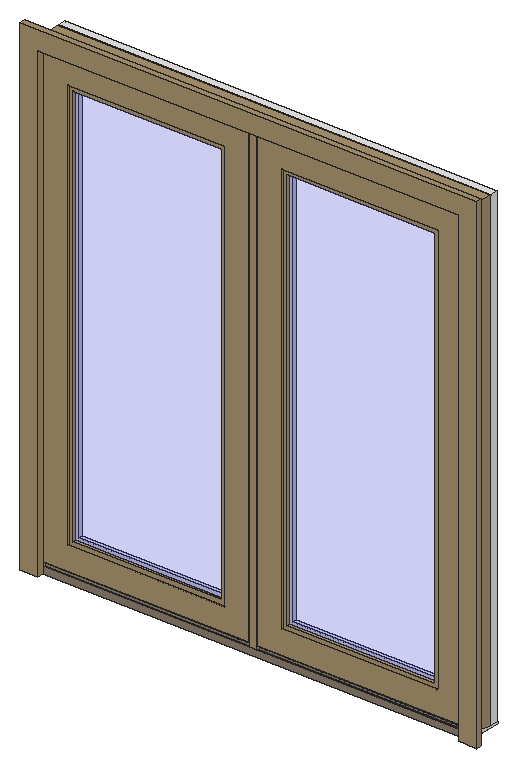
Revit family "Door-In-Swing-Pella-Architect-Contemporary-Double-9", category Doors, host Wall, Revit 2013 (continued)
Definition of nested family "Nested-Pella-Contemporary-InSwing_Panel"
  Definition of nested family "Nested-Pella-Architect-IS-Panel-Head"
    Dimensions and locks (in)
      Masking region 1 sketch curve to Masking region 1 sketch curve to Masking region 1 sketch curve to Masking region 1 sketch curve to Masking region 1 sketch curve to Masking region 1 sketch curve to Masking region 1 sketch curve to Masking region 1 sketch curve to Masking region 1 sketch curve to Masking region 1 sketch curve to Masking region 1 sketch curve to Masking region 1 sketch curve to Masking region 1 sketch curve to Masking region 1 sketch curve to Masking region 1 sketch curve to Masking region 1 sketch curve to Masking region 1 sketch curve to Masking region 1 sketch curve to plane 5 "Back" = 0' - 0.055" locked, 0' - 0" locked, 0' - 0" locked, 0' - 0" locked, 0' - 0" locked, 0' - 0" locked, 0' - 0.15861" locked, 0' - 0" locked, 0' - 0" locked, 0' - 0.00489" locked, 0' - 0.02893" locked, 0' - 0" locked, 0' - 0.18765" locked, 0' - 0.04438" locked, 0' - 0" locked, 0' - 0.09056" locked, 0' - 0" locked, 0' - 1.55145" locked
      locked: curve 1 to plane 6 "Glass" at 0.1775
      aligned and locked: Masking region 2 sketch curve to plane 5 "Back"
      aligned and locked: plane 1 "Center (Front/Back)" to Masking region 2 sketch curve
      aligned and locked: curve 1 to Filled region 1
      aligned and locked: Filled region 1 to curve 1
  Definition of nested family "Nested-Pella-Architect-IS-Panel-Jamb"
    Parameters (values of type "Operable")
      Type Comments = "For use with Pella Architect Models"  # constant formula
      Thickness = 0' - 2.12147"
      Operable = not(Fixed)  # yes
      Fixed = no
      Assembly Code = "B2030100"
    Types (2): name | Operable | Fixed
      Fixed | no | yes
      Operable | yes | no
    Reference planes (in)
      plane 1 "Center (Front/Back)": y = 0
      plane 2: z = 0
      plane 3 "Nail Fin": x = 0.51936
      plane 4 "Front": x = 2.9768
      plane 5 "Back": x = 5.09827
      plane 6 "Glass": y = 4.18688
    Lines and regions (in)
      Masking region 1, in view "Ref. Level", detail levels medium+fine
        outline origin (0, 0, 0) x (1, 0, 0) y (0, 1, 0)
          loop
            line (3.0318, 0.17988) -> (3.0318, 0.28388) -> (3.22424, 0.28388) -> (3.22424, 0.33888) -> (3.0318, 0.33888) -> (3.0318, 0.46688) -> (3.1953, 0.46688) -> (3.1953, 0.52188) -> (3.0318, 0.52188) -> (3.0318, 0.86338) -> (3.19041, 0.86338) -> (3.19041, 0.91838) -> (3.0318, 0.91838) -> (3.0318, 1.89288) -> (3.19041, 1.89288) -> (3.19041, 1.94788) -> (3.0318, 1.94788) -> (3.0318, 3.65988) -> (3.19041, 3.65988) -> (3.19041, 3.71488) -> (3.0318, 3.71488) -> (3.0318, 4.63238) -> (3.41188, 4.63238) -> (3.41188, 4.309) -> (3.45626, 4.309) -> (3.45626, 4.47738) -> (3.54682, 4.47738) -> (3.54682, 4.53238) -> (3.45626, 4.53238) -> (3.45626, 4.63238) -> (3.54682, 4.63238) -> (3.54682, 4.68738) -> (2.9768, 4.68738) -> (2.9768, 0.12488) -> (3.22424, 0.12488) -> (3.22424, 0.17988) -> (3.0318, 0.17988)
      Filled region 1, type "Wood - Pella", in view "Ref. Level", detail levels medium+fine
        outline origin (0, 0, 0) x (1, 0, 0) y (0, 1, 0)
          loop
            line (3.1953, 0.48532) -> (3.35237, 0.48532) -> (3.35237, 0.68638)
            arc (3.35237, 0.68638) -> (3.40998, 0.74399) -> (3.46758, 0.68638) r 0.05761
            line (3.46758, 0.68638) -> (3.46758, 0.06693) -> (3.7992, 0.06693) -> (3.7992, 0.22814) -> (3.88382, 0.22814) -> (3.88382, 0.605) -> (4.35472, 0.605) -> (4.35472, 0.22814) -> (4.43933, 0.22814) -> (4.43933, 0) -> (5.03927, 0) -> (5.03927, 4.00938) -> (4.9393, 4.00938) -> (4.9393, 4.66035) -> (4.4073, 4.68823) -> (4.4073, 4.00938) -> (3.71765, 4.00938)
            arc (3.71765, 4.00938) -> (3.54715, 4.07654) -> (3.46826, 4.24194) r 0.25
            line (3.46826, 4.24194) -> (3.46826, 4.28313) -> (3.38455, 4.28313) -> (3.38455, 4.43673) -> (3.1953, 4.43673) -> (3.1953, 0.48532)
      Masking region 2, in view "Ref. Level", detail levels coarse
        outline origin (0, 0, 0) x (1, 0, 0) y (0, 1, 0)
          loop
            line (2.9768, 0) -> (5.09827, 0) -> (5.09827, 4.68738) -> (2.9768, 4.68738) -> (2.9768, 0)
      Masking region 3, in view "Ref. Level", visible <- "Operable", detail levels medium+fine
        outline origin (0, 0, 0) x (1, 0, 0) y (0, 1, 0)
          loop
            line (3.8043, 0.09488) -> (4.43423, 0.09488) -> (4.43423, 0.22892) -> (4.3533, 0.22892) -> (4.3533, 0.28288) -> (3.8903, 0.28288) -> (3.8903, 0.22892) -> (3.8043, 0.22892) -> (3.8043, 0.09488)
      Masking region 4, in view "Ref. Level", visible <- "Fixed", detail levels medium+fine
        outline origin (0, 0, 0) x (1, 0, 0) y (0, 1, 0)
          loop
            line (3.95238, 0.605) -> (3.80785, -0.05906) -> (3.80785, -0.12547) -> (4.35472, -0.12547) -> (4.35472, 0.605) -> (3.95238, 0.605)
      detail lines, in view "Ref. Level", detail levels fine
        curve 1: line (4.4073, 4.00938, 0) -> (4.9393, 4.00938, 0)
    Dimensions and locks (in)
      locked: plane 1 "Center (Front/Back)" to plane 6 "Glass" at 4.18688
      locked: Masking region 2 sketch curve to plane 5 "Back" at 2.12147
      locked: Masking region 2 sketch curve to plane 6 "Glass" at 0.5005
      plane 3 "Nail Fin" to plane 4 "Front" = 0' - 2.45744"
      Masking region 3 sketch curve to Masking region 3 sketch curve to Masking region 3 sketch curve to Masking region 3 sketch curve to plane 6 "Glass" = 0' - 0.13404" locked, 0' - 0" locked, 0' - 0.05396" locked, 0' - 3.904" locked
      Masking region 3 sketch curve to Masking region 3 sketch curve to Masking region 3 sketch curve to Masking region 3 sketch curve to plane 5 "Back" = 0' - 0.086" locked, 0' - 0.463" locked, 0' - 0.08093" locked, 0' - 0.66404" locked
      "Thickness": plane 4 "Front" to plane 5 "Back"
      Filled region 1 sketch curve to Filled region 1 sketch curve to Filled region 1 sketch curve to Filled region 1 sketch curve to Filled region 1 sketch curve to Filled region 1 sketch curve to Filled region 1 sketch curve to Filled region 1 sketch curve to Filled region 1 sketch curve to Filled region 1 sketch curve to Filled region 1 sketch curve to Filled region 1 sketch curve to Filled region 1 sketch curve to Filled region 1 sketch curve to plane 5 "Back" = 0' - 0.15707" locked, 0' - 0.03218" locked, 0' - 0.08304" locked, 0' - 0.00068" locked, 0' - 0.24939" locked, 0' - 0" locked, 0' - 0.08155" locked, 0' - 0.08461" locked, 0' - 0.4709" locked, 0' - 0.05258" locked, 0' - 0.03203" locked, 0' - 0.49997" locked, 0' - 0.09997" locked, 0' - 0.059" locked
      Filled region 1 sketch curve to Filled region 1 sketch curve to Filled region 1 sketch curve to Filled region 1 sketch curve to Filled region 1 sketch curve to Filled region 1 sketch curve to Filled region 1 sketch curve to Filled region 1 sketch curve to Filled region 1 sketch curve to Filled region 1 sketch curve to Filled region 1 sketch curve to plane 6 "Glass" to Filled region 1 sketch curve to Filled region 1 sketch curve to Filled region 1 sketch curve to Filled region 1 sketch curve to Filled region 1 sketch curve = 0' - 0.06693" locked, 0' - 0.16121" locked, 0' - 0" locked, 0' - 0.25718" locked, 0' - 0.11968" locked, 0' - 0.08138" locked, 0' - 0" locked, 0' - 0" locked, 0' - 3.323" locked, 0' - 0" locked, 0' - 0.1775" locked, 0' - 0.05506" locked, 0' - 0.04119" locked, 0' - 0.1536" locked, 0' - 0.22362" locked, 0' - 0.02788" locked
      Masking region 1 sketch curve to Masking region 1 sketch curve to Masking region 1 sketch curve to Masking region 1 sketch curve to Masking region 1 sketch curve to Masking region 1 sketch curve to Masking region 1 sketch curve to Masking region 1 sketch curve to Masking region 1 sketch curve to Masking region 1 sketch curve to Masking region 1 sketch curve to Masking region 1 sketch curve to plane 6 "Glass" to Masking region 1 sketch curve to Masking region 1 sketch curve to Masking region 1 sketch curve to Masking region 1 sketch curve to Masking region 1 sketch curve to Masking region 1 sketch curve = 0' - 0.055" locked, 0' - 0.104" locked, 0' - 0.055" locked, 0' - 0.128" locked, 0' - 0.055" locked, 0' - 0.3415" locked, 0' - 0.055" locked, 0' - 0.9745" locked, 0' - 0.055" locked, 0' - 1.712" locked, 0' - 0.055" locked, 0' - 0.472" locked, 0' - 0.12212" locked, 0' - 0.16838" locked, 0' - 0.055" locked, 0' - 0.1" locked, 0' - 0" locked, 0' - 0.055" locked
      Masking region 1 sketch curve to Masking region 1 sketch curve to Masking region 1 sketch curve to Masking region 1 sketch curve to Masking region 1 sketch curve to Masking region 1 sketch curve to Masking region 1 sketch curve to Masking region 1 sketch curve to Masking region 1 sketch curve to Masking region 1 sketch curve to Masking region 1 sketch curve to Masking region 1 sketch curve to Masking region 1 sketch curve to Masking region 1 sketch curve to Masking region 1 sketch curve to Masking region 1 sketch curve to Masking region 1 sketch curve to Masking region 1 sketch curve to plane 5 "Back" = 0' - 0.055" locked, 0' - 0" locked, 0' - 0" locked, 0' - 0" locked, 0' - 0" locked, 0' - 0" locked, 0' - 0.15861" locked, 0' - 0" locked, 0' - 0" locked, 0' - 0.00489" locked, 0' - 0.02893" locked, 0' - 0" locked, 0' - 0.18765" locked, 0' - 0.04438" locked, 0' - 0" locked, 0' - 0.09056" locked, 0' - 0" locked, 0' - 1.55145" locked
      locked: curve 1 to plane 6 "Glass" at 0.1775
      Masking region 4 sketch curve to Masking region 4 sketch curve to plane 1 "Center (Front/Back)" to Masking region 4 sketch curve = 0' - 0 17/256" locked, 0' - 0.05906" locked, 0' - 0.605" locked
      Masking region 4 sketch curve to Masking region 4 sketch curve to Masking region 4 sketch curve to plane 5 "Back" = 0' - 0 37/256" locked, 0' - 0 103/256" locked, 0' - 0.74355" locked
      aligned and locked: Masking region 2 sketch curve to plane 5 "Back"
      aligned and locked: plane 1 "Center (Front/Back)" to Masking region 2 sketch curve
      aligned and locked: curve 1 to Filled region 1
      aligned and locked: Filled region 1 to curve 1
Definition of nested family "Nested-Pella-Architect-IS-Frame-Jamb"
  Parameters (values of type "Jamb")
    Type Comments = "For use with Pella Architect Models"  # constant formula
    Thickness = 0' - 5 7/8"
    Nail Fin = yes
    Assembly Code = "B2030100"
  Reference planes (in)
    plane 1 "Center (Front/Back)": y = 0
    plane 2: z = 0
    plane 3 "Center (Left/Right)": x = 0.51936
    plane 4 "Front": x = -0.77673
    plane 5 "Back": x = 5.09827
    plane 6 "Top": y = 1.54313
  Lines and regions (in)
    Masking region 1, in view "Ref. Level", detail levels medium+fine
      outline origin (0, 0, 0) x (1, 0, 0) y (0, 1, 0)
        loop
          line (0.22016, 0.07969) -> (-0.33874, 0.07969) -> (-0.33874, 0.242) -> (-0.73173, 0.242) -> (-0.73173, 0.37123) -> (-0.674, 0.55281) -> (-0.674, 0.74328) -> (0.61306, 0.74328) -> (0.61306, 1.50319) -> (0.94651, 1.50319) -> (0.94651, 1.54313) -> (0.57192, 1.54313) -> (0.57192, 0.79016) -> (-0.72088, 0.79016) -> (-0.72088, 0.56008) -> (-0.77673, 0.3844) -> (-0.77673, 0.197) -> (-0.38374, 0.197) -> (-0.38374, 0.09) -> (-0.69447, 0.09)
          arc (-0.69447, 0.09) -> (-0.73947, 0.045) -> (-0.69447, 0) r 0.045
          line (-0.69447, 0) -> (-0.57348, 0) -> (-0.54848, 0.025) -> (0.26704, 0.025) -> (0.26704, 0.21481) -> (0.38312, 0.21481) -> (0.38312, 0.025) -> (0.55155, 0.025) -> (0.55155, 0.07028) -> (0.43, 0.07028) -> (0.43, 0.26169) -> (0.22016, 0.26169) -> (0.22016, 0.07969)
    Filled region 1, type "Wood - Pella", in view "Ref. Level", detail levels medium+fine
      outline origin (0, 0, 0) x (1, 0, 0) y (0, 1, 0)
        loop
          line (5.09827, 0) -> (5.09827, 1) -> (2.56835, 1) -> (2.56835, 1.10949) -> (2.66378, 1.10949) -> (2.66378, 1.438) -> (0.96009, 1.438) -> (0.96009, 0.938) -> (0.61882, 0.938) -> (0.61882, 0.66726) -> (0.42927, 0.66726) -> (0.42927, 0.73423) -> (0.36478, 0.73423) -> (0.07289, 0.45988) -> (-0.00633, 0.45988) -> (-0.00633, 0.138) -> (0.21383, 0.138) -> (0.21383, 0.26851) -> (0.43945, 0.26851) -> (0.43945, 0.07) -> (2.25011, 0.07) -> (2.32011, 0) -> (5.09827, 0)
    Masking region 2, in view "Ref. Level", detail levels coarse
      outline origin (0, 0, 0) x (1, 0, 0) y (0, 1, 0)
        loop
          line (-0.77673, 0) -> (5.09827, 0) -> (5.09827, 1) -> (2.9768, 1) -> (2.9768, 1.54313) -> (-0.77673, 1.54313) -> (-0.77673, 0)
    Masking region 3, in view "Ref. Level", visible <- "Nail Fin", detail levels fine
      outline origin (0, 0, 0) x (1, 0, 0) y (0, 1, 0)
        loop
          line (0.27279, 0.20734) -> (0.27279, 0) -> (0.48811, 0) -> (0.48811, -1.21526) -> (0.51936, -1.21526) -> (0.51936, 0.03125) -> (0.30404, 0.03125) -> (0.30404, 0.17609) -> (0.34797, 0.17609) -> (0.34797, 0.09143) -> (0.37922, 0.09143) -> (0.37922, 0.20734) -> (0.27279, 0.20734)
    Masking region 4, in view "Ref. Level", detail levels medium+fine
      outline origin (0, 0, 0) x (1, 0, 0) y (0, 1, 0)
        loop
          line (0.64732, 1.50319) -> (0.64732, 1.46319) -> (2.66378, 1.46319) -> (2.66378, 1.05819) -> (2.57871, 1.05819) -> (2.57871, 1.01819) -> (2.70378, 1.01819) -> (2.70378, 1.50319) -> (0.64732, 1.50319)
  Dimensions and locks (in)
    plane 1 "Center (Front/Back)" to Masking region 1 sketch curve to Masking region 1 sketch curve to Masking region 1 sketch curve to Masking region 1 sketch curve to Masking region 1 sketch curve to Masking region 1 sketch curve to Masking region 1 sketch curve to Masking region 1 sketch curve to Masking region 1 sketch curve to Masking region 1 sketch curve to Masking region 1 sketch curve to Masking region 1 sketch curve to Masking region 1 sketch curve to Masking region 1 sketch curve to Masking region 1 sketch curve to Masking region 1 sketch curve to Masking region 1 sketch curve = 0' - 0.025" locked, 0' - 0" locked, 0' - 0.04528" locked, 0' - 0.0094" locked, 0' - 0.01031" locked, 0' - 0.107" locked, 0' - 0.01781" locked, 0' - 0.02719" locked, 0' - 0.01969" locked, 0' - 0.10954" locked, 0' - 0.01317" locked, 0' - 0.16841" locked, 0' - 0.00727" locked, 0' - 0.1832" locked, 0' - 0 3/64" locked, 0' - 0.71303" locked, 0' - 0.03994" locked
    plane 4 "Front" to Masking region 1 sketch curve to Masking region 1 sketch curve to Masking region 1 sketch curve to Masking region 1 sketch curve to Masking region 1 sketch curve to Masking region 1 sketch curve to Masking region 1 sketch curve to Masking region 1 sketch curve to Masking region 1 sketch curve to Masking region 1 sketch curve to Masking region 1 sketch curve to Masking region 1 sketch curve to Masking region 1 sketch curve to Masking region 1 sketch curve to Masking region 1 sketch curve to Masking region 1 sketch curve to Masking region 1 sketch curve = 0' - 0" locked, 0' - 0.045" locked, 0' - 0.01085" locked, 0' - 0.02641" locked, 0' - 0.02046" locked, 0' - 0.10052" locked, 0' - 0.025" locked, 0' - 0.16475" locked, 0' - 0.045" locked, 0' - 0.5589" locked, 0' - 0 3/64" locked, 0' - 0.11608" locked, 0' - 0 3/64" locked, 0' - 0.12155" locked, 0' - 0.02037" locked, 0' - 0.04114" locked, 0' - 0.33346" locked
    Masking region 3 sketch curve to plane 1 "Center (Front/Back)" to Masking region 3 sketch curve to Masking region 3 sketch curve to Masking region 3 sketch curve to Masking region 3 sketch curve = 0' - 1.21526" locked, 0' - 0 1/32" locked, 0' - 0.06018" locked, 0' - 0.08466" locked, 0' - 0 1/32" locked
    Masking region 3 sketch curve to Masking region 3 sketch curve to Masking region 3 sketch curve to Masking region 3 sketch curve to Masking region 3 sketch curve to Masking region 3 sketch curve to plane 3 "Center (Left/Right)" = 0' - 0 1/32" locked, 0' - 0.04392" locked, 0' - 0 1/32" locked, 0' - 0.10889" locked, 0' - 0 1/32" locked, 0' - 0" locked
    locked: plane 1 "Center (Front/Back)" to plane 6 "Top" at 1.54313
    locked: Masking region 2 sketch curve to plane 5 "Back" at 2.12147
    Masking region 2 sketch curve to Masking region 2 sketch curve to plane 1 "Center (Front/Back)" = 0' - 0.54313" locked, 0' - 1" locked
    locked: plane 4 "Front" to plane 3 "Center (Left/Right)" at 1.29609
    plane 1 "Center (Front/Back)" to Masking region 4 sketch curve to Masking region 4 sketch curve to Masking region 4 sketch curve to Masking region 4 sketch curve = 0' - 1.01819" locked, 0' - 0.04" locked, 0' - 0.405" locked, 0' - 0.04" locked
    Masking region 4 sketch curve to Masking region 4 sketch curve to Masking region 4 sketch curve to plane 5 "Back" = 0' - 0.08507" locked, 0' - 0.04" locked, 0' - 2.39449" locked
    locked: plane 4 "Front" to Masking region 4 sketch curve at 1.42406
    "Thickness": plane 4 "Front" to plane 5 "Back"
    plane 1 "Center (Front/Back)" to Filled region 1 sketch curve to Filled region 1 sketch curve to Filled region 1 sketch curve to Filled region 1 sketch curve to Filled region 1 sketch curve to Filled region 1 sketch curve to Filled region 1 sketch curve to Filled region 1 sketch curve to Filled region 1 sketch curve to Filled region 1 sketch curve = 0' - 0.07" locked, 0' - 0.068" locked, 0' - 0.13051" locked, 0' - 0.19137" locked, 0' - 0.20738" locked, 0' - 0.06697" locked, 0' - 0.20377" locked, 0' - 0.062" locked, 0' - 0.10949" locked, 0' - 0.32851" locked
    plane 4 "Front" to Filled region 1 sketch curve to Filled region 1 sketch curve to Filled region 1 sketch curve to Filled region 1 sketch curve to Filled region 1 sketch curve to Filled region 1 sketch curve to Filled region 1 sketch curve to Filled region 1 sketch curve = 0' - 0.7704" locked, 0' - 0.07922" locked, 0' - 0.14094" locked, 0' - 0.15095" locked, 0' - 0.0645" locked, 0' - 0.01017" locked, 0' - 0.17938" locked, 0' - 0.34126" locked
    Filled region 1 sketch curve to Filled region 1 sketch curve to Filled region 1 sketch curve to Filled region 1 sketch curve to plane 5 "Back" = 0' - 0.07" locked, 0' - 0.24824" locked, 0' - 0.09543" locked, 0' - 2.43449" locked
    aligned and locked: plane 1 "Center (Front/Back)" to Masking region 1 sketch curve
    aligned and locked: Filled region 1 sketch curve to plane 1 "Center (Front/Back)"
    aligned and locked: plane 5 "Back" to Filled region 1 sketch curve
    aligned and locked: Masking region 2 sketch curve to plane 5 "Back"
    aligned and locked: Masking region 2 sketch curve to plane 4 "Front"
    aligned and locked: plane 1 "Center (Front/Back)" to Masking region 2 sketch curve
  Automatic sketch dimensions
    plane 1 "Center (Front/Back)" to Masking region 3 sketch curve = 0' - 0"
Definition of nested family "Nested-Pella-Architect-IS-Frame-Sill"
  Parameters (values of type "Sill")
    Type Comments = "For use with Pella Architect Models"  # constant formula
    Thickness = 0' - 5 7/8"
    Assembly Code = "B2030100"
  Reference planes (in)
    plane 1 "Center (Front/Back)": y = 0
    plane 2: z = 0
    plane 3 "Front": x = -0.75737
    plane 4 "Back": x = 5.11763
    plane 5 "Top": y = 1.48777
  Lines and regions (in)
    Masking region 1, in view "Ref. Level", detail levels medium+fine
      outline origin (0, 0, 0) x (1, 0, 0) y (0, 1, 0)
        loop
          line (-0.50786, 0) -> (-0.50786, 0.062) -> (-0.68737, 0.062) -> (-0.68737, 0.23) -> (0.794, 0.23) -> (0.794, 0) -> (0.9563, 0) -> (0.9563, 0.062) -> (0.864, 0.062) -> (0.864, 0.23) -> (1.03155, 0.23) -> (2.6657, 0.58837) -> (2.6657, 0.062) -> (2.57236, 0.062) -> (2.57236, 0) -> (2.82945, 0) -> (2.82945, 0.062) -> (2.7357, 0.062) -> (2.7357, 0.60372) -> (3.53479, 0.77897) -> (3.74263, 0.77897) -> (3.74263, 0.63469) -> (3.81263, 0.63469) -> (3.81263, 0.99478) -> (3.74263, 0.99478) -> (3.74263, 0.84897) -> (3.52721, 0.84897) -> (3.1398, 0.76401) -> (3.1398, 1.24036) -> (3.27673, 1.28223) -> (3.25617, 1.34947) -> (3.0698, 1.29249) -> (3.0698, 0.74866) -> (1.02397, 0.3) -> (-0.75737, 0.3) -> (-0.75737, 0) -> (-0.50786, 0)
    Filled region 1, type "Wood - Pella", in view "Ref. Level", detail levels medium+fine
      outline origin (0, 0, 0) x (1, 0, 0) y (0, 1, 0)
        loop
          line (4.87163, 0) -> (4.87163, 0.278) -> (5.11763, 0.278) -> (5.11763, 1.0955) -> (4.81388, 1.0955) -> (4.81388, 1.48777) -> (3.88691, 1.48777) -> (3.52163, 1.12249) -> (3.52163, 0.9325) -> (3.73173, 0.9325) -> (3.73173, 1.0075) -> (3.8251, 1.0075) -> (3.8251, 0.62108) -> (3.73173, 0.62108) -> (3.73173, 0.77897) -> (3.52163, 0.77897) -> (3.52163, 0) -> (4.87163, 0)
    Masking region 2, in view "Ref. Level", detail levels coarse
      outline origin (0, 0, 0) x (1, 0, 0) y (0, 1, 0)
        loop
          line (-0.75737, 0) -> (5.11763, 0) -> (5.11763, 1.48777) -> (2.99413, 1.48777) -> (2.99413, 0.3) -> (-0.75737, 0.3) -> (-0.75737, 0)
  Dimensions and locks (in)
    locked: plane 1 "Center (Front/Back)" to plane 5 "Top" at 1.48777
    locked: Masking region 2 sketch curve to plane 4 "Back" at 2.1235
    Masking region 2 sketch curve to Masking region 2 sketch curve to plane 1 "Center (Front/Back)" = 0' - 1.18777" locked, 0' - 0.3" locked
    plane 1 "Center (Front/Back)" to Masking region 1 sketch curve to Masking region 1 sketch curve to Masking region 1 sketch curve to Masking region 1 sketch curve to Masking region 1 sketch curve to Masking region 1 sketch curve to Masking region 1 sketch curve to Masking region 1 sketch curve to Masking region 1 sketch curve to Masking region 1 sketch curve to Masking region 1 sketch curve to Masking region 1 sketch curve to Masking region 1 sketch curve to Masking region 1 sketch curve to Masking region 1 sketch curve to Masking region 1 sketch curve to Masking region 1 sketch curve to Masking region 1 sketch curve to Masking region 1 sketch curve = 0' - 0.062" locked, 0' - 0" locked, 0' - 0" locked, 0' - 0" locked, 0' - 0.168" locked, 0' - 0" locked, 0' - 0.07" locked, 0' - 0.28837" locked, 0' - 0.01535" locked, 0' - 0.03097" locked, 0' - 0.11397" locked, 0' - 0.01535" locked, 0' - 0.01496" locked, 0' - 0.07" locked, 0' - 0.14581" locked, 0' - 0.24559" locked, 0' - 0.04186" locked, 0' - 0.01026" locked, 0' - 0.05698" locked
    Masking region 1 sketch curve to Masking region 1 sketch curve to Masking region 1 sketch curve to Masking region 1 sketch curve to Masking region 1 sketch curve to Masking region 1 sketch curve to Masking region 1 sketch curve to Masking region 1 sketch curve to Masking region 1 sketch curve to Masking region 1 sketch curve to Masking region 1 sketch curve to Masking region 1 sketch curve to Masking region 1 sketch curve to Masking region 1 sketch curve to Masking region 1 sketch curve to Masking region 1 sketch curve to Masking region 1 sketch curve to Masking region 1 sketch curve to plane 4 "Back" = 0' - 0.07" locked, 0' - 0.0923" locked, 0' - 0.06767" locked, 0' - 0.00759" locked, 0' - 1.54081" locked, 0' - 0.09334" locked, 0' - 0.07" locked, 0' - 0 3/32" locked, 0' - 0.24035" locked, 0' - 0.07" locked, 0' - 0.11637" locked, 0' - 0.02056" locked, 0' - 0.25048" locked, 0' - 0.00759" locked, 0' - 0.20783" locked, 0' - 0" locked, 0' - 0.07" locked, 0' - 1.305" locked
    plane 1 "Center (Front/Back)" to Filled region 1 sketch curve to Filled region 1 sketch curve to Filled region 1 sketch curve to Filled region 1 sketch curve to Filled region 1 sketch curve to Filled region 1 sketch curve to Filled region 1 sketch curve to Filled region 1 sketch curve = 0' - 0.278" locked, 0' - 0.34308" locked, 0' - 0.15789" locked, 0' - 0.15353" locked, 0' - 0.075" locked, 0' - 0.088" locked, 0' - 0.02699" locked, 0' - 0.36528" locked
    Filled region 1 sketch curve to Filled region 1 sketch curve to Filled region 1 sketch curve to Filled region 1 sketch curve to Filled region 1 sketch curve to Filled region 1 sketch curve to Filled region 1 sketch curve to Filled region 1 sketch curve to plane 4 "Back" = 0' - 0" locked, 0' - 0.2101" locked, 0' - 0" locked, 0' - 0.09337" locked, 0' - 0.06181" locked, 0' - 0.92698" locked, 0' - 0.05774" locked, 0' - 0.246" locked
    "Thickness": plane 3 "Front" to plane 4 "Back"
    plane 3 "Front" to Masking region 1 sketch curve to Masking region 1 sketch curve = 0' - 0.07" locked, 0' - 0.17951" locked
    aligned and locked: Filled region 1 sketch curve to plane 1 "Center (Front/Back)"
    aligned and locked: plane 4 "Back" to Filled region 1 sketch curve
    aligned and locked: Masking region 2 sketch curve to plane 4 "Back"
    aligned and locked: Masking region 2 sketch curve to plane 3 "Front"
    aligned and locked: plane 1 "Center (Front/Back)" to Masking region 2 sketch curve
    aligned and locked: Masking region 1 sketch curve to plane 1 "Center (Front/Back)"
    aligned and locked: plane 1 "Center (Front/Back)" to Masking region 1 sketch curve  (x2)
    aligned and locked: plane 3 "Front" to Masking region 1 sketch curve
Definition of nested family "Nested-Pella-Architect-IS-Frame-Center"
  Parameters (values of type "Nested-Pella-Architect-IS-Frame-Center2")
    Type Comments = "For use with Pella Architect Models"  # constant formula
    Thickness = 0' - 4.50788"
    Assembly Code = "B2030100"
  Reference planes (in)
    plane 1 "Back": y = 0
    plane 2: z = 0
    plane 3 "Center (Left/Right)": x = 0
    plane 4 "Left": x = -1.11775
    plane 5 "Right": x = 1.11776
    plane 6 "Top": y = 4.50788
  Lines and regions (in)
    Masking region 1, in view "Ref. Level", detail levels medium+fine
      outline origin (0, 0, 0) x (1, 0, 0) y (0, 1, 0)
        loop
          line (-0.64075, 2.39388) -> (-0.64075, 2.51817) -> (-0.68075, 2.51817) -> (-0.68075, 2.43388) -> (-1.07775, 2.43388) -> (-1.07775, 4.43388) -> (-1.11775, 4.43388) -> (-1.11775, 2.39388) -> (-0.64075, 2.39388)
        loop
          line (0.64075, 2.39388) -> (1.11776, 2.39388) -> (1.11776, 4.43388) -> (1.07775, 4.43388) -> (1.07775, 2.43388) -> (0.68075, 2.43388) -> (0.68075, 2.51817) -> (0.64075, 2.51817) -> (0.64075, 2.39388)
    Masking region 2, in view "Ref. Level", detail levels medium+fine
      outline origin (0, 0, 0) x (1, 0, 0) y (0, 1, 0)
        loop
          line (-1.18269, 4.13079) -> (-1.13268, 4.13079) -> (-1.13664, 4.43588) -> (-1.03299, 4.43588) -> (-1.03299, 3.73633) -> (-0.98249, 3.73633) -> (-0.98249, 4.43588) -> (-0.66156, 4.43588) -> (-0.58237, 4.4571) -> (0.58237, 4.4571) -> (0.66156, 4.43588) -> (0.98249, 4.43588) -> (0.98249, 3.73633) -> (1.03299, 3.73633) -> (1.03299, 4.43588) -> (1.13664, 4.43588) -> (1.13268, 4.13079) -> (1.18269, 4.13079) -> (1.18729, 4.48588) -> (0.67116, 4.48588) -> (0.58905, 4.50788) -> (-0.58905, 4.50788) -> (-0.67116, 4.48588) -> (-1.18729, 4.48588) -> (-1.18269, 4.13079)
    Filled region 1, type "Wood - Pella", in view "Ref. Level", detail levels medium+fine
      outline origin (0, 0, 0) x (1, 0, 0) y (0, 1, 0)
        loop
          line (-0.62423, 2.53) -> (-0.5996, 3) -> (0.59961, 3) -> (0.62424, 2.53) -> (0.73453, 2.53) -> (0.73453, 2.43588) -> (1.06251, 2.43588) -> (1.06251, 3.69888) -> (0.98251, 3.69888) -> (0.98251, 4.43588) -> (-0.98249, 4.43588) -> (-0.98249, 3.69888) -> (-1.06249, 3.69888) -> (-1.06249, 2.43588) -> (-0.73441, 2.43588) -> (-0.73441, 2.53) -> (-0.62423, 2.53)
    Filled region 2, type "Wood - Pella", in view "Ref. Level", detail levels medium+fine
      outline origin (0, 0, 0) x (1, 0, 0) y (0, 1, 0)
        loop
          line (-0.625, 0) -> (0.625, 0) -> (0.625, 1.74862) -> (0.36, 1.74862) -> (0.36, 1.82808) -> (0.625, 1.82808) -> (0.625, 2.42003) -> (0.5946, 3) -> (-0.5946, 3) -> (-0.625, 2.42003) -> (-0.625, 1.82808) -> (-0.36, 1.82808) -> (-0.36, 1.74862) -> (-0.625, 1.74862) -> (-0.625, 0)
    Masking region 3, in view "Ref. Level", detail levels coarse
      outline origin (0, 0, 0) x (1, 0, 0) y (0, 1, 0)
        loop
          line (-1.11775, 4.50788) -> (-1.11775, 2.39388) -> (-0.625, 2.39388) -> (-0.625, 0) -> (0.625, 0) -> (0.625, 2.39388) -> (1.11776, 2.39388) -> (1.11776, 4.50788) -> (-1.11775, 4.50788)
  Dimensions and locks (in)
    plane 4 "Left" to plane 3 "Center (Left/Right)" to plane 5 "Right" = 0' - 1.11775" locked, 0' - 1.11776" locked
    "Thickness": plane 1 "Back" to plane 6 "Top"
    plane 6 "Top" to Masking region 1 sketch curve to Masking region 1 sketch curve to Masking region 1 sketch curve to Masking region 1 sketch curve to Masking region 1 sketch curve to Masking region 1 sketch curve to Masking region 1 sketch curve to Masking region 1 sketch curve = 0' - 0.074" locked, 0' - 0" locked, 0' - 1.91571" locked, 0' - 0" locked, 0' - 0.08429" locked, 0' - 0" locked, 0' - 0.04" locked, 0' - 0" locked
    plane 4 "Left" to Masking region 1 sketch curve to Masking region 1 sketch curve to Masking region 1 sketch curve = 0' - 0.04" locked, 0' - 0.397" locked, 0' - 0.04" locked
    Masking region 1 sketch curve to Masking region 1 sketch curve to Masking region 1 sketch curve to plane 5 "Right" = 0' - 0.04" locked, 0' - 0.397" locked, 0' - 0.04001" locked
    Masking region 2 sketch curve to Masking region 2 sketch curve to Masking region 2 sketch curve to Masking region 2 sketch curve to Masking region 2 sketch curve to Masking region 2 sketch curve to Masking region 2 sketch curve to Masking region 2 sketch curve to Masking region 2 sketch curve to Masking region 2 sketch curve to Masking region 2 sketch curve = 0' - 0" locked, 0' - 0.39446" locked, 0' - 0" locked, 0' - 0.30509" locked, 0' - 0" locked, 0' - 0" locked, 0' - 0" locked, 0' - 0.02122" locked, 0' - 0.02878" locked, 0' - 0" locked
    Masking region 2 sketch curve to Masking region 2 sketch curve to Masking region 2 sketch curve to Masking region 2 sketch curve to plane 4 "Left" to Masking region 2 sketch curve to Masking region 2 sketch curve to Masking region 2 sketch curve to Masking region 2 sketch curve to Masking region 2 sketch curve to Masking region 2 sketch curve = 0' - 0.00461" locked, 0' - 0.04604" locked, 0' - 0.00396" locked, 0' - 0.01494" locked, 0' - 0.08475" locked, 0' - 0.0505" locked, 0' - 0.31133" locked, 0' - 0.0096" locked, 0' - 0.0725" locked, 0' - 0.00669" locked
    Masking region 2 sketch curve to Masking region 2 sketch curve to Masking region 2 sketch curve to Masking region 2 sketch curve to Masking region 2 sketch curve to Masking region 2 sketch curve to plane 5 "Right" to Masking region 2 sketch curve to Masking region 2 sketch curve to Masking region 2 sketch curve to Masking region 2 sketch curve = 0' - 0.00669" locked, 0' - 0.0725" locked, 0' - 0.0096" locked, 0' - 0.31133" locked, 0' - 0.0505" locked, 0' - 0.08477" locked, 0' - 0.01492" locked, 0' - 0.00396" locked, 0' - 0.04604" locked, 0' - 0.00461" locked
    plane 6 "Top" to Filled region 1 sketch curve to Filled region 1 sketch curve to Filled region 1 sketch curve to Filled region 1 sketch curve to Filled region 1 sketch curve to Filled region 1 sketch curve to Filled region 1 sketch curve to Filled region 1 sketch curve = 0' - 0.072" locked, 0' - 0.737" locked, 0' - 0" locked, 0' - 0.69888" locked, 0' - 0.47" locked, 0' - 0" locked, 0' - 0.09412" locked, 0' - 0" locked
    plane 4 "Left" to Filled region 1 sketch curve to Filled region 1 sketch curve to Filled region 1 sketch curve to Filled region 1 sketch curve to Filled region 1 sketch curve = 0' - 0.05525" locked, 0' - 0.08" locked, 0' - 0.24808" locked, 0' - 0.11018" locked, 0' - 0.02463" locked
    Filled region 1 sketch curve to Filled region 1 sketch curve to Filled region 1 sketch curve to Filled region 1 sketch curve to Filled region 1 sketch curve to plane 5 "Right" = 0' - 0.02463" locked, 0' - 0.11029" locked, 0' - 0.24798" locked, 0' - 0.08" locked, 0' - 0.05525" locked
    plane 6 "Top" to Filled region 2 sketch curve to Filled region 2 sketch curve to Filled region 2 sketch curve to Filled region 2 sketch curve to Filled region 2 sketch curve to Filled region 2 sketch curve to Filled region 2 sketch curve = 0' - 1.50788" locked, 0' - 0.57997" locked, 0' - 0" locked, 0' - 0.59195" locked, 0' - 0" locked, 0' - 0.07946" locked, 0' - 0" locked
    plane 4 "Left" to Filled region 2 sketch curve to Filled region 2 sketch curve to Filled region 2 sketch curve to Filled region 2 sketch curve = 0' - 0.49275" locked, 0' - 0" locked, 0' - 0.0304" locked, 0' - 0.2346" locked
    Filled region 2 sketch curve to Filled region 2 sketch curve to Filled region 2 sketch curve to Filled region 2 sketch curve to plane 5 "Right" = 0' - 0.2346" locked, 0' - 0.0304" locked, 0' - 0" locked, 0' - 0.49276" locked
    locked: plane 4 "Left" to Masking region 3 sketch curve at 0.49275
    locked: Masking region 3 sketch curve to plane 5 "Right" at 0.49276
    aligned and locked: Masking region 1 sketch curve to plane 5 "Right"
    aligned and locked: Masking region 1 sketch curve to plane 4 "Left"
    aligned and locked: plane 1 "Back" to Filled region 2 sketch curve
    aligned and locked: Masking region 3 sketch curve to plane 6 "Top"
    aligned and locked: Masking region 3 sketch curve to plane 1 "Back"
    aligned and locked: Masking region 3 sketch curve to plane 4 "Left"
    aligned and locked: plane 5 "Right" to Masking region 3 sketch curve
  Automatic sketch dimensions
    Masking region 2 sketch curve to plane 6 "Top" = 0' - 0"
    Masking region 2 sketch curve to plane 6 "Top" = 0' - 0.022"
    Masking region 3 sketch curve to Masking region 3 sketch curve = 0' - 0"
    Masking region 3 sketch curve to plane 6 "Top" = 0' - 2.114"
